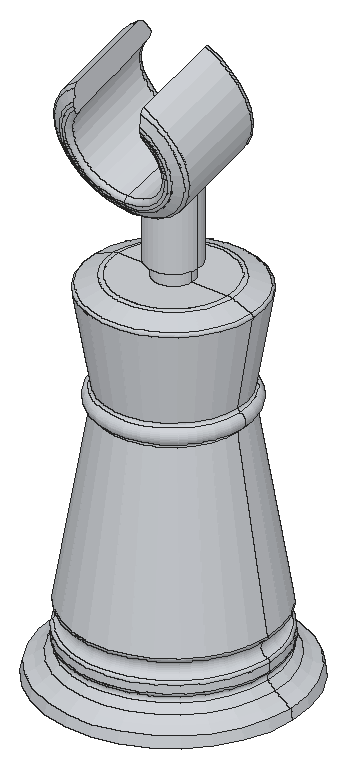
Revit family "Accessory-Handshower_Holder-KOHLER-ARCHER-K-8451T", category Specialty Equipment, host Face, Revit 2017
Family settings
  Host = Face
  Round Connector Dimension = Use Diameter
  Part Type = Normal
  OmniClass Number = 23.31.25.00
  OmniClass Title = Toilet and Bath Specialties
  Cut with Voids When Loaded = No
  Shared = No
  Room Calculation Point = No
Parameters (values of type "CP- Polished chrome")
  Width = 2 73/256"  # constant formula
  WaterSense Certified = 1 = 0  # no
  URL = "http://www.kohler.com.cn/"
  Type = 1
  Product Page URL = "https://www.kohler.com.cn/product/K-8451T-CP/K-8451T-CP/"
  Product Name = "ARCHER"  # constant formula
  Product Documentation Link = "https://files.kohler.com.cn/pdfs/k_8451t.pdf"
  Model = if(Type = 1, "K-8451T-CP", if(Type = 2, "K-8451T-AF", if(Type = 3, "K-8451T-BN", if(Type = 4, "K-8451T-2BZ", "NA"))))  # "K-8451T-CP"
  Material = "Metal construction"  # constant formula
  Master Format 2014 Name = "Toilet, Bath, and Laundry Accessories"  # constant formula
  Master Format 2014 = "10 28 00"  # constant formula
  Manufacturer Address = "Kohler Beijing Office (100016)\n36-2-03-B, No. 88, Liuxiang Road, Beijing"  # constant formula
  Manufacturer = "KOHLER Co."  # constant formula
  Length = 5 111/256"  # constant formula
  Height = 2 73/256"  # constant formula
  Finish = Kohler-Metal-CP-Polished_Chrome
  Environmental Product Declaration = ""
  Description = "hand shower with control switch"  # constant formula
  Default Elevation = 42"
  Declare Label = ""
  Date Modified = "09/23/2020"  # constant formula
  Date Created = "09/23/2020"  # constant formula
  Copyright = "Copyright KOHLER Co."  # constant formula
  Contact Us = "http://www.kohler.com.cn/contact/contact-us/"
  Assembly Code = "C1030200"
  ADA Compliant = 1 = 0  # no
Types (5): name | Type | Product Page URL | Model | Finish
  (no name) | 1 | "https://www.kohler.com.cn/product/K-8451T-CP/K-8451T-CP/" | "K-8451T-CP" | Kohler-Metal-CP-Polished_Chrome
  CP- Polished chrome | 1 | "https://www.kohler.com.cn/product/K-8451T-CP/K-8451T-CP/" | "K-8451T-CP" | Kohler-Metal-CP-Polished_Chrome
  AF- Flange gold | 2 | "https://www.kohler.com.cn/product/K-8451T-CP/K-8451T-AF/" | "K-8451T-AF" | Kohler-Metal-AF-Flange_Gold
  BN- Roman silver | 3 | "https://www.kohler.com.cn/product/K-8451T-CP/K-8451T-BN/" | "K-8451T-BN" | Kohler-Metal-BN-Roman_Silver
  2BZ- Elegant black | 4 | "https://www.kohler.com.cn/product/K-8451T-CP/K-8451T-2BZ/" | "K-8451T-2BZ" | Kohler-Metal-2BZ-Elegant_Black
Reference planes (in)
  plane 1 "Center (Front/Back)": y = 0
  plane 2: z = 0
  plane 3 "Center (Left/Right)": x = 0
  plane 4: x = -1.14173
  plane 5: y = 1.14173
  plane 6: x = 1.14342
  plane 7: y = -1.14342
  plane 8: z = 5.43359
  plane 9: through (0, -1.14173, 4.59954) normal (0, 0.2588, -0.9659)
  plane 10: y = -1.14173
Dimensions and locks (in)
  "Height": plane 7 to plane 5
  "Width": plane 4 to plane 6
  "Length": level to plane 8
  locked: plane 1 "Center (Front/Back)" to plane 9 (angle 75.00°)
  aligned and locked: plane 2 to host face
  aligned and locked: level to host face
  aligned and locked: plane 1 "Center (Front/Back)" to nested 1
  aligned and locked: plane 3 "Center (Left/Right)" to nested 1
  aligned and locked: plane 4 to nested 1
  aligned and locked: plane 5 to nested 1
  aligned and locked: plane 7 to nested 1
  aligned and locked: plane 6 to nested 1
  aligned and locked: plane 9 to nested 1
Automatic sketch dimensions
  host sketch curve to host sketch curve = 96"  (x2)
Nested families (in)
  nested 1: "K-8451T" at (0, 0, 0), type "K-8451T"
Definition of nested family "K-8451T"
  Parameters (values of type "K-8451X")
    Material = none
  Reference planes (in)
    plane 1 "Center (Front/Back)": y = 0
    plane 2: z = 0
    plane 3 "Center (Left/Right)": x = 0
    plane 4: x = -1.14173
    plane 5: y = 1.14173
    plane 6: y = -1.14173
    plane 7: x = 1.14173
    plane 8: z = 5.43307
    plane 9: through (0, 0.23987, 4.96974) normal (0, -0.2588, 0.9659)
  Forms (in)
    Revolve 1, solid, material <- "Material", detail levels medium+fine
      sketch origin (0, 0, 0) x (1, 0, 0) y (0, 0, 1)
        loop
          line (-0.17717, 3.40907) -> (-0.52263, 3.40907)
          arc (-0.52263, 3.40907) -> (-0.54346, 3.40702) -> (-0.5635, 3.40094) r 0.10679
          line (-0.5635, 3.40094) -> (-0.73942, 3.32806)
          arc (-0.73942, 3.32806) -> (-0.75442, 3.31464) -> (-0.75775, 3.29478) r 0.03042
          line (-0.75775, 3.29478) -> (-0.61785, 2.48471)
          arc (-0.61785, 2.48471) -> (-0.62111, 2.466) -> (-0.63549, 2.45359) r 0.0282
          arc (-0.63549, 2.45359) -> (-0.68451, 2.38352) -> (-0.63807, 2.31171) r 0.07659
          arc (-0.63807, 2.31171) -> (-0.6232, 2.29817) -> (-0.61992, 2.27833) r 0.03066
          line (-0.61992, 2.27833) -> (-0.90349, 0.63039)
          arc (-0.90349, 0.63039) -> (-0.90026, 0.60988) -> (-0.88523, 0.59555) r 0.03237
          arc (-0.88523, 0.59555) -> (-0.83778, 0.51538) -> (-0.89553, 0.44228) r 0.08232
          arc (-0.89553, 0.44228) -> (-0.91157, 0.43087) -> (-0.91771, 0.41218) r 0.03151
          line (-0.91771, 0.41218) -> (-0.91771, 0.33935)
          arc (-0.91771, 0.33935) -> (-0.91461, 0.32383) -> (-0.90577, 0.3107) r 0.04032
          arc (-0.90577, 0.3107) -> (-0.89448, 0.2849) -> (-0.90395, 0.25838) r 0.03818
          arc (-0.90395, 0.25838) -> (-0.93542, 0.22425) -> (-0.96851, 0.19168) r 0.9557
          arc (-0.96851, 0.19168) -> (-1.03996, 0.13609) -> (-1.12035, 0.09449) r 0.49348
          line (-1.12035, 0.09449) -> (-1.14173, 0) -> (0, 0) -> (0, 4.35286) -> (-0.23622, 4.35286) -> (-0.23622, 3.54474) -> (-0.17717, 3.54474) -> (-0.17717, 3.40907)
        axis (0, 4.35286) -> (0, 0)
      angle from 0 to 360
    Revolve 2, solid, material <- "Material", detail levels medium+fine
      sketch origin (0, 0, 0) x (0, 1, 0) y (0, 0, 1)
        loop
          line (0.29694, 4.51373) -> (-0.54608, 4.3191)
          arc (-0.54608, 4.3191) -> (-0.57095, 4.30103) -> (-0.57523, 4.27059) r 0.03934
          line (-0.57523, 4.27059) -> (-0.5671, 4.24023)
          arc (-0.5671, 4.24023) -> (-0.56115, 4.22588) -> (-0.55169, 4.21355) r 0.05952
          line (-0.55169, 4.21355) -> (-0.48395, 4.14581)
          arc (-0.48395, 4.14581) -> (-0.46482, 4.13477) -> (-0.44274, 4.13477) r 0.04266
          line (-0.44274, 4.13477) -> (0.29243, 4.33175)
          arc (0.29243, 4.33175) -> (0.31011, 4.34196) -> (0.32031, 4.35964) r 0.03943
          line (0.32031, 4.35964) -> (0.34756, 4.46132)
          arc (0.34756, 4.46132) -> (0.33708, 4.50184) -> (0.29694, 4.51373) r 0.0425
        axis (0.21324, 4.9626) -> (-0.69542, 4.71913)
      angle from 0 to 360
    Extrusion 3, void
      sketch origin (0, 0, 0) x (1, 0, 0) y (0, 0, 1)
        loop
          line (-0.31496, 5.57398) -> (-0.31496, 4.78695) -> (0.31496, 4.78695) -> (0.31496, 5.57398) -> (-0.31496, 5.57398)
      from 2.3622 to -0.64562
    Revolve 4, solid, material <- "Material", detail levels coarse
      sketch origin (0, 0, 0) x (1, 0, 0) y (0, 0, 1)
        loop
          line (-1.14173, 0) -> (0, 0) -> (0, 4.28301) -> (-0.23622, 4.28301) -> (-0.23622, 3.40907) -> (-0.90494, 3.40907) -> (-0.90494, 0.62669) -> (-1.14173, 0.62669) -> (-1.14173, 0)
        axis (0, 4.28301) -> (0, 0)
      angle from 0 to 360
    Revolve 5, solid, material <- "Material", detail levels coarse
      sketch origin (0, 0, 0) x (0, 1, 0) y (0, 0, 1)
        loop
          line (-0.5324, 4.11074) -> (0.38176, 4.35569) -> (0.33691, 4.52307) -> (-0.5858, 4.31004) -> (-0.5324, 4.11074)
        axis (0.21874, 4.96408) -> (-0.69542, 4.71913)
      angle from 0 to 360
  Cuts and joins
    Extrusion 3 cuts Revolve 2
    joined: Revolve 1, Revolve 2
    Extrusion 3 cuts Revolve 5
    joined: Revolve 4, Revolve 5
  Lines and regions (in)
    Masking region 1
      outline origin (0, 0, 0) x (1, 0, 0) y (0, 1, 0)
        loop
          circle (0, 0) r 1.14173
    Masking region 2
      outline origin (0, 0, 0) x (1, 0, 0) y (0, 0, 1)
        loop
          line (-0.17717, 3.40907) -> (-0.52263, 3.40907)
          arc (-0.52263, 3.40907) -> (-0.54346, 3.40702) -> (-0.5635, 3.40094) r 0.10679
          line (-0.5635, 3.40094) -> (-0.73942, 3.32806)
          arc (-0.73942, 3.32806) -> (-0.75442, 3.31464) -> (-0.75775, 3.29478) r 0.03042
          line (-0.75775, 3.29478) -> (-0.61785, 2.48471)
          arc (-0.61785, 2.48471) -> (-0.62111, 2.466) -> (-0.63549, 2.45359) r 0.0282
          arc (-0.63549, 2.45359) -> (-0.68451, 2.38352) -> (-0.63807, 2.31171) r 0.07659
          arc (-0.63807, 2.31171) -> (-0.6232, 2.29817) -> (-0.61992, 2.27833) r 0.03066
          line (-0.61992, 2.27833) -> (-0.90349, 0.63039)
          arc (-0.90349, 0.63039) -> (-0.90026, 0.60988) -> (-0.88523, 0.59555) r 0.03237
          arc (-0.88523, 0.59555) -> (-0.83778, 0.51538) -> (-0.89553, 0.44228) r 0.08232
          arc (-0.89553, 0.44228) -> (-0.91157, 0.43087) -> (-0.91771, 0.41218) r 0.03151
          line (-0.91771, 0.41218) -> (-0.91771, 0.33935)
          arc (-0.91771, 0.33935) -> (-0.91461, 0.32383) -> (-0.90577, 0.3107) r 0.04032
          arc (-0.90577, 0.3107) -> (-0.89448, 0.2849) -> (-0.90395, 0.25838) r 0.03818
          arc (-0.90395, 0.25838) -> (-0.93542, 0.22425) -> (-0.96851, 0.19168) r 0.9557
          arc (-0.96851, 0.19168) -> (-1.03996, 0.13609) -> (-1.12035, 0.09449) r 0.49348
          line (-1.12035, 0.09449) -> (-1.14173, 0) -> (0, 0) -> (1.14173, 0) -> (1.12035, 0.09449)
          arc (1.12035, 0.09449) -> (1.03996, 0.13609) -> (0.96851, 0.19168) r 0.49348
          arc (0.96851, 0.19168) -> (0.93542, 0.22425) -> (0.90395, 0.25838) r 0.9557
          arc (0.90395, 0.25838) -> (0.89448, 0.2849) -> (0.90577, 0.3107) r 0.03818
          arc (0.90577, 0.3107) -> (0.91461, 0.32383) -> (0.91771, 0.33935) r 0.04032
          line (0.91771, 0.33935) -> (0.91771, 0.41218)
          arc (0.91771, 0.41218) -> (0.91157, 0.43087) -> (0.89553, 0.44228) r 0.03151
          arc (0.89553, 0.44228) -> (0.83778, 0.51538) -> (0.88523, 0.59555) r 0.08232
          arc (0.88523, 0.59555) -> (0.90026, 0.60988) -> (0.90349, 0.63039) r 0.03237
          line (0.90349, 0.63039) -> (0.61992, 2.27833)
          arc (0.61992, 2.27833) -> (0.6232, 2.29817) -> (0.63807, 2.31171) r 0.03066
          arc (0.63807, 2.31171) -> (0.68451, 2.38352) -> (0.63549, 2.45359) r 0.07659
          arc (0.63549, 2.45359) -> (0.62111, 2.466) -> (0.61785, 2.48471) r 0.0282
          line (0.61785, 2.48471) -> (0.75775, 3.29478)
          arc (0.75775, 3.29478) -> (0.75442, 3.31464) -> (0.73942, 3.32806) r 0.03042
          line (0.73942, 3.32806) -> (0.5635, 3.40094)
          arc (0.5635, 3.40094) -> (0.54346, 3.40702) -> (0.52263, 3.40907) r 0.10679
          line (0.52263, 3.40907) -> (0.17717, 3.40907) -> (0.17717, 3.54474) -> (0.23622, 3.54474) -> (0.23622, 4.17779)
          arc (0.23622, 4.17779) -> (0.51547, 4.39278) -> (0.62985, 4.72611) r 0.61198
          line (0.62985, 4.72611) -> (0.62985, 4.94079)
          arc (0.62985, 4.94079) -> (0.56419, 5.21236) -> (0.38302, 5.42506) r 0.60207
          arc (0.38302, 5.42506) -> (0.33838, 5.42867) -> (0.31496, 5.3905) r 0.0428
          line (0.31496, 5.3905) -> (0.31496, 5.00439)
          arc (0.31496, 5.00439) -> (0.38511, 4.90369) -> (0.42052, 4.78618) r 0.39026
          arc (0.42052, 4.78618) -> (0.25126, 4.58697) -> (0, 4.51483) r 0.45189
          arc (0, 4.51483) -> (-0.25126, 4.58697) -> (-0.42052, 4.78618) r 0.45189
          arc (-0.42052, 4.78618) -> (-0.38511, 4.90369) -> (-0.31496, 5.00439) r 0.39026
          line (-0.31496, 5.00439) -> (-0.31496, 5.3905)
          arc (-0.31496, 5.3905) -> (-0.33838, 5.42867) -> (-0.38302, 5.42506) r 0.0428
          arc (-0.38302, 5.42506) -> (-0.56419, 5.21236) -> (-0.62985, 4.94079) r 0.60207
          line (-0.62985, 4.94079) -> (-0.62985, 4.72611)
          arc (-0.62985, 4.72611) -> (-0.51547, 4.39278) -> (-0.23622, 4.17779) r 0.61198
          line (-0.23622, 4.17779) -> (-0.23622, 3.54474) -> (-0.17717, 3.54474) -> (-0.17717, 3.40907)
    Masking region 3
      outline origin (0, 0, 0) x (0, 1, 0) y (0, 0, 1)
        loop
          line (-0.17717, 3.40907) -> (-0.52263, 3.40907)
          arc (-0.52263, 3.40907) -> (-0.54346, 3.40702) -> (-0.5635, 3.40094) r 0.10679
          line (-0.5635, 3.40094) -> (-0.73942, 3.32806)
          arc (-0.73942, 3.32806) -> (-0.75442, 3.31464) -> (-0.75775, 3.29478) r 0.03042
          line (-0.75775, 3.29478) -> (-0.61785, 2.48471)
          arc (-0.61785, 2.48471) -> (-0.62111, 2.466) -> (-0.63549, 2.45359) r 0.0282
          arc (-0.63549, 2.45359) -> (-0.68451, 2.38352) -> (-0.63807, 2.31171) r 0.07659
          arc (-0.63807, 2.31171) -> (-0.6232, 2.29817) -> (-0.61992, 2.27833) r 0.03066
          line (-0.61992, 2.27833) -> (-0.90349, 0.63039)
          arc (-0.90349, 0.63039) -> (-0.90026, 0.60988) -> (-0.88523, 0.59555) r 0.03237
          arc (-0.88523, 0.59555) -> (-0.83778, 0.51538) -> (-0.89553, 0.44228) r 0.08232
          arc (-0.89553, 0.44228) -> (-0.91157, 0.43087) -> (-0.91771, 0.41218) r 0.03151
          line (-0.91771, 0.41218) -> (-0.91771, 0.33935)
          arc (-0.91771, 0.33935) -> (-0.91461, 0.32383) -> (-0.90577, 0.3107) r 0.04032
          arc (-0.90577, 0.3107) -> (-0.89448, 0.2849) -> (-0.90395, 0.25838) r 0.03818
          arc (-0.90395, 0.25838) -> (-0.93542, 0.22425) -> (-0.96851, 0.19168) r 0.9557
          arc (-0.96851, 0.19168) -> (-1.03996, 0.13609) -> (-1.12035, 0.09449) r 0.49348
          line (-1.12035, 0.09449) -> (-1.14173, 0) -> (0, 0) -> (1.14173, 0) -> (1.12035, 0.09449)
          arc (1.12035, 0.09449) -> (1.03996, 0.13609) -> (0.96851, 0.19168) r 0.49348
          arc (0.96851, 0.19168) -> (0.93542, 0.22425) -> (0.90395, 0.25838) r 0.9557
          arc (0.90395, 0.25838) -> (0.89448, 0.2849) -> (0.90577, 0.3107) r 0.03818
          arc (0.90577, 0.3107) -> (0.91461, 0.32383) -> (0.91771, 0.33935) r 0.04032
          line (0.91771, 0.33935) -> (0.91771, 0.41218)
          arc (0.91771, 0.41218) -> (0.91157, 0.43087) -> (0.89553, 0.44228) r 0.03151
          arc (0.89553, 0.44228) -> (0.83778, 0.51538) -> (0.88523, 0.59555) r 0.08232
          arc (0.88523, 0.59555) -> (0.90026, 0.60988) -> (0.90349, 0.63039) r 0.03237
          line (0.90349, 0.63039) -> (0.61992, 2.27833)
          arc (0.61992, 2.27833) -> (0.6232, 2.29817) -> (0.63807, 2.31171) r 0.03066
          arc (0.63807, 2.31171) -> (0.68451, 2.38352) -> (0.63549, 2.45359) r 0.07659
          arc (0.63549, 2.45359) -> (0.62111, 2.466) -> (0.61785, 2.48471) r 0.0282
          line (0.61785, 2.48471) -> (0.75775, 3.29478)
          arc (0.75775, 3.29478) -> (0.75442, 3.31464) -> (0.73942, 3.32806) r 0.03042
          line (0.73942, 3.32806) -> (0.5635, 3.40094)
          arc (0.5635, 3.40094) -> (0.54346, 3.40702) -> (0.52263, 3.40907) r 0.10679
          line (0.52263, 3.40907) -> (0.17717, 3.40907) -> (0.17717, 3.54474) -> (0.23622, 3.54474) -> (0.23622, 4.26898)
          arc (0.23622, 4.26898) -> (0.25115, 4.3094) -> (0.28876, 4.33041) r 0.06218
          arc (0.28876, 4.33041) -> (0.30855, 4.33983) -> (0.32001, 4.35851) r 0.03855
          line (0.32001, 4.35851) -> (0.34616, 4.4561)
          arc (0.34616, 4.4561) -> (0.3483, 4.47232) -> (0.34616, 4.48853) r 0.06265
          line (0.34616, 4.48853) -> (0.12262, 5.3228)
          arc (0.12262, 5.3228) -> (0.11636, 5.33791) -> (0.10641, 5.35088) r 0.06265
          line (0.10641, 5.35088) -> (0.03571, 5.42158)
          arc (0.03571, 5.42158) -> (0.01812, 5.43173) -> (-0.00219, 5.43173) r 0.03923
          line (-0.00219, 5.43173) -> (-0.06771, 5.41418) -> (-0.73686, 5.23488)
          arc (-0.73686, 5.23488) -> (-0.75647, 5.22355) -> (-0.7678, 5.20394) r 0.04376
          line (-0.7678, 5.20394) -> (-0.7924, 5.11212)
          arc (-0.7924, 5.11212) -> (-0.79445, 5.0966) -> (-0.7924, 5.08108) r 0.05995
          line (-0.7924, 5.08108) -> (-0.56713, 4.24035)
          arc (-0.56713, 4.24035) -> (-0.56114, 4.22589) -> (-0.55161, 4.21347) r 0.05995
          line (-0.55161, 4.21347) -> (-0.4844, 4.14626)
          arc (-0.4844, 4.14626) -> (-0.46478, 4.13493) -> (-0.44213, 4.13493) r 0.04376
          line (-0.44213, 4.13493) -> (-0.27392, 4.18)
          arc (-0.27392, 4.18) -> (-0.24794, 4.17483) -> (-0.23622, 4.15108) r 0.02995
          line (-0.23622, 4.15108) -> (-0.23622, 3.54474) -> (-0.17717, 3.54474) -> (-0.17717, 3.40907)
    symbolic lines, detail levels medium+fine
      curve 1: circle (0, 0, 0) r 1.12035 normal (0, 0, 1)
      curve 2: circle (0, 0, 0) r 0.91872 normal (0, 0, 1)
      curve 3: circle (0, 0, 0) r 0.90391 normal (0, 0, 1)
      curve 4: arc (0.00001, -0.75789, 0) -> (0.16117, -0.74055, 0) -> (0.31496, -0.68934, 0) r 0.75789
      curve 5: arc (-0.01428, -0.7385, 0) -> (0.15441, -0.72232, 0) -> (0.31496, -0.66812, 0) r 0.73864
      curve 6: arc (-0.47886, 0.27009, 0) -> (0, 0.54978, 0) -> (0.47886, 0.27009, 0) r 0.54978
      curve 7: arc (-0.46075, 0.27732, 0) -> (0, 0.53777, 0) -> (0.46075, 0.27732, 0) r 0.53777
      curve 8: line (-0.31496, 0.08987, 0) -> (-0.31496, -0.75022, 0)
      curve 9: line (-0.37795, -0.001, 0) -> (-0.37795, -0.73804, 0)
      curve 10: line (-0.62992, 0.12434, 0) -> (-0.62992, -0.60959, 0)
      curve 11: arc (-0.31496, -0.68934, 0) -> (-0.16116, -0.74055, 0) -> (0.00001, -0.75789, 0) r 0.75789
      curve 12: arc (-0.31496, -0.66812, 0) -> (-0.16834, -0.7192, 0) -> (-0.01428, -0.7385, 0) r 0.73864
      curve 13: arc (0.62992, -0.38573, 0) -> (0, 0.73864, 0) -> (-0.62992, -0.38573, 0) r 0.73864
      curve 14: arc (0.62992, -0.42142, 0) -> (0, 0.75789, 0) -> (-0.62992, -0.42142, 0) r 0.75789
      curve 15: arc (-0.31496, -0.58236, 0) -> (0, -0.54536, 0) -> (0.31496, -0.58236, 0) r 1.35933
      curve 16: arc (-0.31496, -0.60965, 0) -> (0, -0.57557, 0) -> (0.31496, -0.60965, 0) r 1.47269
      curve 17: arc (-0.62992, -0.60959, 0) -> (-0.62676, -0.63096, 0) -> (-0.61755, -0.6505, 0) r 0.07384
      curve 18: arc (-0.61755, -0.6505, 0) -> (-0.59133, -0.68102, 0) -> (-0.55847, -0.70425, 0) r 0.16439
      curve 19: arc (-0.55847, -0.70425, 0) -> (-0.49344, -0.73722, 0) -> (-0.42693, -0.76708, 0) r 1.54526
      curve 20: arc (-0.42693, -0.76708, 0) -> (-0.3936, -0.779, 0) -> (-0.35916, -0.78718, 0) r 0.32145
      curve 21: arc (-0.35916, -0.78718, 0) -> (-0.32843, -0.77903, 0) -> (-0.31496, -0.75022, 0) r 0.03755
      curve 22: arc (-0.62992, -0.60959, 0) -> (-0.60957, -0.64843, 0) -> (-0.57425, -0.67441, 0) r 0.09742
      curve 23: arc (-0.57425, -0.67441, 0) -> (-0.5641, -0.67925, 0) -> (-0.55434, -0.68485, 0) r 0.14861
      curve 24: arc (-0.55434, -0.68485, 0) -> (-0.5287, -0.6982, 0) -> (-0.50129, -0.70736, 0) r 0.18383
      curve 25: arc (-0.37795, -0.73804, 0) -> (-0.44036, -0.72566, 0) -> (-0.50129, -0.70736, 0) r 0.66256
      curve 26: arc (-0.31496, -0.72989, 0) -> (-0.32925, -0.73815, 0) -> (-0.34567, -0.73987, 0) r 0.03958
      curve 27: arc (-0.34567, -0.73987, 0) -> (-0.36187, -0.73995, 0) -> (-0.37795, -0.73804, 0) r 0.13111
      curve 28: arc (-0.31496, -0.72989, 0) -> (-0.33118, -0.76135, 0) -> (-0.36614, -0.7669, 0) r 0.03919
      curve 29: arc (-0.36614, -0.7669, 0) -> (-0.44499, -0.74945, 0) -> (-0.52132, -0.72309, 0) r 0.70375
      curve 30: arc (-0.37795, -0.73804, 0) -> (-0.37586, -0.75403, 0) -> (-0.36614, -0.7669, 0) r 0.03154
      curve 31: spline (-0.62992, 0.12434, 0) -> (-0.62454, 0.1536, 0) -> (-0.60849, 0.18236, 0) -> (-0.58205, 0.21012, 0) -> (-0.54566, 0.23643, 0) -> (-0.49996, 0.26081, 0) -> (-0.44571, 0.28287, 0) -> (-0.38385, 0.30222, 0) -> (-0.31543, 0.31853, 0) -> (-0.24162, 0.33152, 0) -> (-0.16369, 0.34097, 0) -> (-0.08296, 0.34672, 0) -> (-0.00081, 0.34868, 0)
      curve 32: arc (-0.62992, 0.12434, 0) -> (-0.61343, 0.09223, 0) -> (-0.58544, 0.06941, 0) r 0.08818
      curve 33: arc (-0.58544, 0.06941, 0) -> (-0.48435, 0.02638, 0) -> (-0.37795, -0.001, 0) r 0.73016
      curve 34: arc (-0.37795, -0.001, 0) -> (-0.36012, -0.00293, 0) -> (-0.34218, -0.0024, 0) r 0.13052
      curve 35: arc (-0.34218, -0.0024, 0) -> (-0.33292, -0.00114, 0) -> (-0.32378, 0.00078, 0) r 0.12928
      curve 36: arc (-0.32378, 0.00078, 0) -> (-0.31875, 0.00311, 0) -> (-0.31496, 0.00715, 0) r 0.01457
      curve 37: arc (-0.31496, 0.00715, 0) -> (-0.33364, 0.03385, 0) -> (-0.36615, 0.03602, 0) r 0.03769
      curve 38: arc (-0.36615, 0.03602, 0) -> (-0.44861, 0.05511, 0) -> (-0.52839, 0.0834, 0) r 0.74879
      curve 39: arc (-0.52839, 0.0834, 0) -> (-0.56687, 0.10458, 0) -> (-0.60005, 0.13337, 0) r 0.20781
      curve 40: arc (-0.60005, 0.13337, 0) -> (-0.61172, 0.16608, 0) -> (-0.59595, 0.19701, 0) r 0.04385
      curve 41: line (-0.36615, 0.03602, 0) -> (-0.36825, 0.11678, 0)
      curve 42: line (-0.36825, 0.11678, 0) -> (-0.33661, 0.11402, 0)
      curve 43: arc (-0.33661, 0.11402, 0) -> (-0.32101, 0.10622, 0) -> (-0.31496, 0.08987, 0) r 0.02372
      curve 44: spline (-0.45538, 0.18147, 0) -> (-0.45147, 0.19676, 0) -> (-0.43982, 0.21179, 0) -> (-0.42062, 0.2263, 0) -> (-0.3942, 0.24004, 0) -> (-0.36102, 0.25278, 0) -> (-0.32164, 0.26429, 0) -> (-0.27675, 0.27438, 0) -> (-0.22711, 0.28288, 0) -> (-0.17357, 0.28963, 0) -> (-0.11705, 0.29453, 0) -> (-0.05852, 0.29749, 0) -> (0.00101, 0.29846, 0)
      curve 45: arc (-0.45538, 0.18147, 0) -> (-0.40333, 0.14754, 0) -> (-0.34437, 0.12795, 0) r 0.24234
      curve 46: arc (-0.34437, 0.12795, 0) -> (-0.32249, 0.11445, 0) -> (-0.31496, 0.08987, 0) r 0.03645
      curve 47: spline (-0.46749, 0.27168, 0) -> (-0.41705, 0.29299, 0) -> (-0.35229, 0.31153, 0) -> (-0.27544, 0.32666, 0) -> (-0.18913, 0.33785, 0) -> (-0.09633, 0.34473, 0) -> (-0.00022, 0.34705, 0) -> (0.0959, 0.34475, 0) -> (0.18873, 0.33789, 0) -> (0.27508, 0.32671, 0) -> (0.35198, 0.31161, 0) -> (0.41679, 0.29308, 0) -> (0.4673, 0.27178, 0)
      curve 48: spline (-0.36823, 0.116, 0) -> (-0.40398, 0.12644, 0) -> (-0.43545, 0.13778, 0) -> (-0.4623, 0.14991, 0) -> (-0.48426, 0.16269, 0) -> (-0.50109, 0.176, 0) -> (-0.51261, 0.18969, 0) -> (-0.5187, 0.20362, 0) -> (-0.5193, 0.21764, 0) -> (-0.5144, 0.23161, 0) -> (-0.50404, 0.24536, 0) -> (-0.48835, 0.25877, 0) -> (-0.46749, 0.27168, 0)
      curve 49: spline (-0.50126, 0.21727, 0) -> (-0.49697, 0.23421, 0) -> (-0.48417, 0.25086, 0) -> (-0.46308, 0.26693, 0) -> (-0.43407, 0.28215, 0) -> (-0.39762, 0.29627, 0) -> (-0.35436, 0.30903, 0) -> (-0.30504, 0.32021, 0) -> (-0.2505, 0.32964, 0) -> (-0.19166, 0.33714, 0) -> (-0.12955, 0.34259, 0) -> (-0.06522, 0.3459, 0) -> (0.00023, 0.347, 0)
      curve 50: spline (-0.35644, 0.12563, 0) -> (-0.37857, 0.13184, 0) -> (-0.39911, 0.13841, 0) -> (-0.41796, 0.14532, 0) -> (-0.43504, 0.15253, 0) -> (-0.45029, 0.16001, 0) -> (-0.46364, 0.16773, 0) -> (-0.47504, 0.17567, 0) -> (-0.48442, 0.18378, 0) -> (-0.49177, 0.19203, 0) -> (-0.49703, 0.20038, 0) -> (-0.5002, 0.20881, 0) -> (-0.50126, 0.21727, 0)
      curve 51: arc (-0.36825, 0.11678, 0) -> (-0.35275, 0.12672, 0) -> (-0.33452, 0.1241, 0) r 0.02639
      curve 52: arc (-0.36615, 0.03602, 0) -> (-0.37493, 0.01842, 0) -> (-0.37795, -0.001, 0) r 0.06396
      curve 53: line (0.31496, 0.08987, 0) -> (0.31496, -0.75022, 0)
      curve 54: line (0.37795, -0.001, 0) -> (0.37795, -0.73804, 0)
      curve 55: line (0.62992, 0.12434, 0) -> (0.62992, -0.60959, 0)
      curve 56: arc (0.31496, -0.68934, 0) -> (0.16116, -0.74055, 0) -> (-0.00001, -0.75789, 0) r 0.75789
      curve 57: arc (0.62992, -0.60959, 0) -> (0.62676, -0.63096, 0) -> (0.61755, -0.6505, 0) r 0.07384
      curve 58: arc (0.61755, -0.6505, 0) -> (0.59133, -0.68102, 0) -> (0.55847, -0.70425, 0) r 0.16439
      curve 59: arc (0.55847, -0.70425, 0) -> (0.49344, -0.73722, 0) -> (0.42693, -0.76708, 0) r 1.54526
      curve 60: arc (0.42693, -0.76708, 0) -> (0.3936, -0.779, 0) -> (0.35916, -0.78718, 0) r 0.32145
      curve 61: arc (0.35916, -0.78718, 0) -> (0.32843, -0.77903, 0) -> (0.31496, -0.75022, 0) r 0.03755
      curve 62: arc (0.62992, -0.60959, 0) -> (0.60957, -0.64843, 0) -> (0.57425, -0.67441, 0) r 0.09742
      curve 63: arc (0.37795, -0.73804, 0) -> (0.44036, -0.72566, 0) -> (0.50129, -0.70736, 0) r 0.66256
      curve 64: arc (0.31496, -0.72989, 0) -> (0.32925, -0.73815, 0) -> (0.34567, -0.73987, 0) r 0.03958
      curve 65: arc (0.34567, -0.73987, 0) -> (0.36187, -0.73995, 0) -> (0.37795, -0.73804, 0) r 0.13111
      curve 66: arc (0.31496, -0.72989, 0) -> (0.33118, -0.76135, 0) -> (0.36614, -0.7669, 0) r 0.03919
      curve 67: arc (0.36614, -0.7669, 0) -> (0.44499, -0.74945, 0) -> (0.52132, -0.72309, 0) r 0.70375
      curve 68: arc (0.37795, -0.73804, 0) -> (0.37586, -0.75403, 0) -> (0.36614, -0.7669, 0) r 0.03154
      curve 69: spline (0.62992, 0.12434, 0) -> (0.62454, 0.1536, 0) -> (0.60849, 0.18236, 0) -> (0.58205, 0.21012, 0) -> (0.54566, 0.23643, 0) -> (0.49996, 0.26081, 0) -> (0.44571, 0.28287, 0) -> (0.38385, 0.30222, 0) -> (0.31543, 0.31853, 0) -> (0.24162, 0.33152, 0) -> (0.16369, 0.34097, 0) -> (0.08296, 0.34672, 0) -> (0.00081, 0.34868, 0)
      curve 70: arc (0.62992, 0.12434, 0) -> (0.61343, 0.09223, 0) -> (0.58544, 0.06941, 0) r 0.08818
      curve 71: arc (0.58544, 0.06941, 0) -> (0.48435, 0.02638, 0) -> (0.37795, -0.001, 0) r 0.73016
      curve 72: arc (0.37795, -0.001, 0) -> (0.34619, -0.00273, 0) -> (0.31496, 0.00327, 0) r 0.13052
      curve 73: arc (0.31496, 0.00715, 0) -> (0.33364, 0.03385, 0) -> (0.36615, 0.03602, 0) r 0.03769
      curve 74: arc (0.36615, 0.03602, 0) -> (0.44861, 0.05511, 0) -> (0.52839, 0.0834, 0) r 0.74879
      curve 75: arc (0.52839, 0.0834, 0) -> (0.56687, 0.10458, 0) -> (0.60005, 0.13337, 0) r 0.20781
      curve 76: arc (0.60005, 0.13337, 0) -> (0.61172, 0.16608, 0) -> (0.59595, 0.19701, 0) r 0.04385
      curve 77: line (0.36615, 0.03602, 0) -> (0.36825, 0.11678, 0)
      curve 78: line (0.36825, 0.11678, 0) -> (0.33661, 0.11402, 0)
      curve 79: arc (0.33661, 0.11402, 0) -> (0.32101, 0.10622, 0) -> (0.31496, 0.08987, 0) r 0.02372
      curve 80: spline (0.45538, 0.18147, 0) -> (0.45147, 0.19676, 0) -> (0.43982, 0.21179, 0) -> (0.42062, 0.2263, 0) -> (0.3942, 0.24004, 0) -> (0.36102, 0.25278, 0) -> (0.32164, 0.26429, 0) -> (0.27675, 0.27438, 0) -> (0.22711, 0.28288, 0) -> (0.17357, 0.28963, 0) -> (0.11705, 0.29453, 0) -> (0.05852, 0.29749, 0) -> (-0.00101, 0.29846, 0)
      curve 81: arc (0.45538, 0.18147, 0) -> (0.40333, 0.14754, 0) -> (0.34437, 0.12795, 0) r 0.24234
      curve 82: arc (0.34437, 0.12795, 0) -> (0.32249, 0.11445, 0) -> (0.31496, 0.08987, 0) r 0.03645
      curve 83: spline (0.36823, 0.116, 0) -> (0.404, 0.12644, 0) -> (0.43549, 0.13779, 0) -> (0.46235, 0.14993, 0) -> (0.48431, 0.16273, 0) -> (0.50114, 0.17605, 0) -> (0.51265, 0.18975, 0) -> (0.51872, 0.20369, 0) -> (0.51929, 0.21772, 0) -> (0.51435, 0.23169, 0) -> (0.50396, 0.24545, 0) -> (0.48822, 0.25886, 0) -> (0.4673, 0.27178, 0)
      curve 84: spline (0.50126, 0.21727, 0) -> (0.49697, 0.23421, 0) -> (0.48417, 0.25086, 0) -> (0.46307, 0.26694, 0) -> (0.43405, 0.28216, 0) -> (0.39759, 0.29628, 0) -> (0.35432, 0.30904, 0) -> (0.30499, 0.32023, 0) -> (0.25043, 0.32965, 0) -> (0.19158, 0.33715, 0) -> (0.12945, 0.3426, 0) -> (0.06511, 0.3459, 0) -> (-0.00035, 0.347, 0)
      curve 85: spline (0.35644, 0.12563, 0) -> (0.37857, 0.13184, 0) -> (0.39911, 0.13841, 0) -> (0.41796, 0.14532, 0) -> (0.43504, 0.15253, 0) -> (0.45029, 0.16001, 0) -> (0.46364, 0.16773, 0) -> (0.47504, 0.17567, 0) -> (0.48442, 0.18378, 0) -> (0.49177, 0.19203, 0) -> (0.49703, 0.20038, 0) -> (0.5002, 0.20881, 0) -> (0.50126, 0.21727, 0)
      curve 86: arc (0.36825, 0.11678, 0) -> (0.35275, 0.12672, 0) -> (0.33452, 0.1241, 0) r 0.02639
      curve 87: arc (0.36615, 0.03602, 0) -> (0.37493, 0.01842, 0) -> (0.37795, -0.001, 0) r 0.06396
      curve 88: arc (0.57425, -0.67441, 0) -> (0.5391, -0.69382, 0) -> (0.50129, -0.70736, 0) r 0.25004
      curve 89: arc (-0.06716, 0.34784, 0) -> (0, 0.35488, 0) -> (0.06715, 0.34784, 0) r 0.32372
      curve 90: line (0.17717, 0, 3.54474) -> (-0.17717, 0, 3.54474)
      curve 91: line (0.17717, 0, 3.40907) -> (-0.17717, 0, 3.40907)
      curve 92: line (0.5635, 0, 3.40094) -> (-0.5635, 0, 3.40094)
      curve 93: line (0.73942, 0, 3.32806) -> (-0.73942, 0, 3.32806)
      curve 94: line (0.75775, 0, 3.29478) -> (-0.75775, 0, 3.29478)
      curve 95: line (0.61785, 0, 2.48471) -> (-0.61785, 0, 2.48471)
      curve 96: line (0.63549, 0, 2.45359) -> (-0.63549, 0, 2.45359)
      curve 97: line (0.61992, 0, 2.27833) -> (-0.61992, 0, 2.27833)
      curve 98: line (0.63807, 0, 2.31171) -> (-0.63807, 0, 2.31171)
      curve 99: line (0.90349, 0, 0.63039) -> (-0.90349, 0, 0.63039)
      curve 100: line (0.88523, 0, 0.59555) -> (-0.88523, 0, 0.59555)
      curve 101: line (0.89553, 0, 0.44228) -> (-0.89553, 0, 0.44228)
      curve 102: line (0.91771, 0, 0.41218) -> (-0.91771, 0, 0.41218)
      curve 103: line (0.91771, 0, 0.33935) -> (-0.91771, 0, 0.33935)
      curve 104: line (0.90577, 0, 0.3107) -> (-0.90577, 0, 0.3107)
      curve 105: line (0.90395, 0, 0.25838) -> (-0.90395, 0, 0.25838)
      curve 106: line (1.12035, 0, 0.09449) -> (-1.12035, 0, 0.09449)
      curve 107: arc (0.36613, 0, 5.4206) -> (0.57219, 0, 4.75581) -> (0, 0, 4.35958) r 0.58837
      curve 108: arc (0.62985, 0, 4.94079) -> (0.44036, 0, 4.5066) -> (0, 0, 4.33194) r 0.62174
      curve 109: arc (0.42052, 0, 4.78618) -> (0.44474, 0, 5.03772) -> (0.32618, 0, 5.26088) r 0.43865
      curve 110: arc (0.32618, 0, 5.26088) -> (0.31897, 0, 5.27071) -> (0.31496, 0, 5.28222) r 0.04124
      curve 111: line (0.36613, 0, 5.4206) -> (0.36825, 0, 5.31831)
      curve 112: arc (0.36825, 0, 5.31831) -> (0.35211, 0, 5.3238) -> (0.33597, 0, 5.31831) r 0.02648
      curve 113: arc (0.33597, 0, 5.31831) -> (0.32445, 0, 5.30773) -> (0.31496, 0, 5.2953) r 0.08916
      curve 114: arc (0.36613, 0, 5.4206) -> (0.33735, 0, 5.41933) -> (0.31602, 0, 5.39995) r 0.04238
      curve 115: line (0.32618, 0, 5.26088) -> (0.32618, 0, 4.99186)
      curve 116: arc (0.36825, 0, 5.31831) -> (0.34287, 0, 5.29278) -> (0.32618, 0, 5.26088) r 0.12039
      curve 117: arc (0.36825, 0, 5.31831) -> (0.47944, 0, 4.76217) -> (0, 0, 4.45919) r 0.50055
      curve 118: line (0.23622, 0, 4.17779) -> (0.23622, 0, 4.2501)
      curve 119: arc (0.23622, 0, 4.2501) -> (0.22229, 0, 4.26703) -> (0.20066, 0, 4.27063) r 0.03123
      curve 120: arc (0.20066, 0, 4.27063) -> (0.10077, 0, 4.25732) -> (0, 0, 4.25629) r 0.82491
      curve 121: arc (0.23622, 0, 4.2501) -> (0.26809, 0, 4.2796) -> (0.27943, 0, 4.32152) r 0.0786
      curve 122: arc (0.27943, 0, 4.32152) -> (0.2769, 0, 4.32936) -> (0.27044, 0, 4.33447) r 0.01413
      curve 123: arc (0.27044, 0, 4.33447) -> (0.24516, 0, 4.34108) -> (0.21903, 0, 4.34166) r 0.11213
      curve 124: arc (0.21903, 0, 4.34166) -> (0.10964, 0, 4.33404) -> (0, 0, 4.33194) r 2.18096
      curve 125: arc (0.23622, 0, 4.2501) -> (0.24713, 0, 4.29228) -> (0.27943, 0, 4.32152) r 0.07595
      curve 126: arc (-0.36613, 0, 5.4206) -> (-0.57219, 0, 4.75581) -> (0, 0, 4.35958) r 0.58837
      curve 127: arc (-0.62985, 0, 4.94079) -> (-0.44036, 0, 4.5066) -> (0, 0, 4.33194) r 0.62174
      curve 128: arc (-0.42052, 0, 4.78618) -> (-0.44474, 0, 5.03772) -> (-0.32618, 0, 5.26088) r 0.43865
      curve 129: line (-0.36613, 0, 5.4206) -> (-0.36825, 0, 5.31831)
      curve 130: arc (-0.36825, 0, 5.31831) -> (-0.35211, 0, 5.3238) -> (-0.33597, 0, 5.31831) r 0.02648
      curve 131: arc (-0.33597, 0, 5.31831) -> (-0.32445, 0, 5.30773) -> (-0.31496, 0, 5.2953) r 0.08916
      curve 132: arc (-0.36613, 0, 5.4206) -> (-0.33735, 0, 5.41933) -> (-0.31602, 0, 5.39995) r 0.04238
      curve 133: arc (-0.36825, 0, 5.31831) -> (-0.34287, 0, 5.29278) -> (-0.32618, 0, 5.26088) r 0.12039
      curve 134: arc (-0.36825, 0, 5.31831) -> (-0.47944, 0, 4.76217) -> (0, 0, 4.45919) r 0.50055
      curve 135: line (-0.23622, 0, 4.17779) -> (-0.23622, 0, 4.2501)
      curve 136: arc (-0.23622, 0, 4.2501) -> (-0.22229, 0, 4.26703) -> (-0.20066, 0, 4.27063) r 0.03123
      curve 137: arc (-0.20066, 0, 4.27063) -> (-0.10077, 0, 4.25732) -> (0, 0, 4.25629) r 0.82491
      curve 138: arc (-0.23622, 0, 4.2501) -> (-0.26809, 0, 4.2796) -> (-0.27943, 0, 4.32152) r 0.0786
      curve 139: arc (-0.27044, 0, 4.33447) -> (-0.24516, 0, 4.34108) -> (-0.21903, 0, 4.34166) r 0.11213
      curve 140: arc (-0.21903, 0, 4.34166) -> (-0.10964, 0, 4.33404) -> (0, 0, 4.33194) r 2.18096
      curve 141: arc (-0.23622, 0, 4.2501) -> (-0.24713, 0, 4.29228) -> (-0.27943, 0, 4.32152) r 0.07595
      curve 142: arc (-0.32618, 0, 5.26088) -> (-0.31897, 0, 5.27071) -> (-0.31496, 0, 5.28222) r 0.04124
      curve 143: arc (-0.27943, 0, 4.32152) -> (-0.2769, 0, 4.32936) -> (-0.27044, 0, 4.33447) r 0.01413
      curve 144: line (-0.32618, 0, 5.26088) -> (-0.32618, 0, 4.99186)
      curve 145: line (0, 0.10641, 5.35088) -> (0, 0.34616, 4.4561)
      curve 146: line (0, 0.32028, 4.35952) -> (0, 0.03571, 5.42158)
      curve 147: line (0, -0.00219, 5.43173) -> (0, 0.29262, 4.33148)
      curve 148: line (0, -0.55161, 4.21347) -> (0, -0.7924, 5.11212)
      curve 149: line (0, -0.7678, 5.20394) -> (0, -0.4844, 4.14626)
      curve 150: line (0, -0.73686, 5.23488) -> (0, -0.44213, 4.13493)
      curve 151: arc (0, -0.23622, 4.15108) -> (0, -0.00462, 4.22855) -> (0, 0.23622, 4.26898) r 1.56174
      curve 152: arc (0, 0.28876, 4.33041) -> (0, 0.00147, 4.29222) -> (0, -0.26617, 4.18102) r 1.11078
      curve 153: line (0, 0.17717, 3.54474) -> (0, -0.17717, 3.54474)
      curve 154: line (0, 0.17717, 3.40907) -> (0, -0.17717, 3.40907)
      curve 155: line (0, 0.5635, 3.40094) -> (0, -0.5635, 3.40094)
      curve 156: line (0, 0.73942, 3.32806) -> (0, -0.73942, 3.32806)
      curve 157: line (0, 0.75775, 3.29478) -> (0, -0.75775, 3.29478)
      curve 158: line (0, 0.61785, 2.48471) -> (0, -0.61785, 2.48471)
      curve 159: line (0, 0.63549, 2.45359) -> (0, -0.63549, 2.45359)
      curve 160: line (0, 0.63807, 2.31171) -> (0, -0.63807, 2.31171)
      curve 161: line (0, 0.61992, 2.27833) -> (0, -0.61992, 2.27833)
      curve 162: line (0, 0.90349, 0.63039) -> (0, -0.90349, 0.63039)
      curve 163: line (0, 0.88523, 0.59555) -> (0, -0.88523, 0.59555)
      curve 164: line (0, 0.89553, 0.44228) -> (0, -0.89553, 0.44228)
      curve 165: line (0, 0.91771, 0.41218) -> (0, -0.91771, 0.41218)
      curve 166: line (0, 0.91771, 0.33935) -> (0, -0.91771, 0.33935)
      curve 167: line (0, 0.90577, 0.3107) -> (0, -0.90577, 0.3107)
      curve 168: line (0, 0.90395, 0.25838) -> (0, -0.90395, 0.25838)
      curve 169: line (0, 1.12035, 0.09449) -> (0, -1.12035, 0.09449)
  Dimensions and locks (in)
    plane 5 to plane 6 = 2.28346"
    plane 4 to plane 7 = 2.28346"
    plane 8 to level = 5.43307"
    angle plane 1 "Center (Front/Back)" to plane 9 = 75.00°
    aligned and locked: plane 2 to level
    aligned and locked: Revolve 2 sketch curve to plane 9
